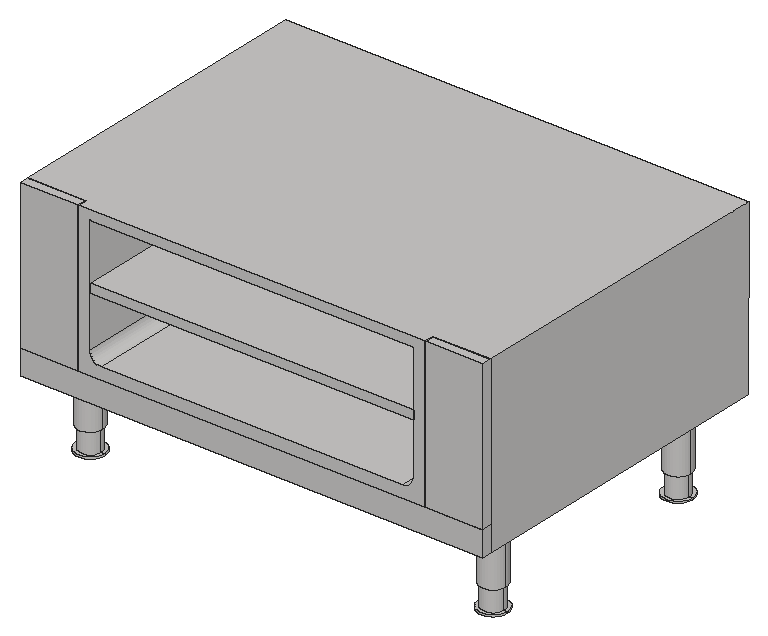
Revit family "QF_ELECTROLUXPROFESSIONAL_589802_MC1GCAKOOM", category Attrezzature speciali, Revit 2021
Family settings
  Quota connettore circolare = Usa diametro
  Tipo di parte = Normale
  Basato su piano di lavoro = No
  Sempre verticale = Sì
  Taglio con vuoti quando caricato = No
  Condiviso = No
  Punto di calcolo locali = No
Parameters (values of type "Standard")
  Weight = 26.00 kg
  Watts = 0 W
  Volts = 0 V
  URL Manufacturer = "https://www.electroluxprofessional.com/"
  URL = "https://www.electroluxprofessional.com/"
  Steam Supply Size = 0"
  Steam Supply Minimum Pressure = 0.00 psi
  Steam Supply Maximum Pressure = 0.00 psi
  Steam Consumption per Hour = 0
  Refrigeration Suction Line Size = 0 mm
  Refrigeration Liquid Line Size = 0 mm
  Refrigerant Compressor Remote = yes
  Prospetto di default = 0 mm
  Phase = 0
  Modello = "MC1GCAKOOM"
  Produttore = "Electrolux Professional"
  Length Actual = 1200 mm  # constant formula
  Item Number = "589802"
  Hot Water Size = 0"
  Height Actual = 450 mm  # constant formula
  HP = "0 HP"
  Gas Size = 0"
  Gas KW = 0
  Gas Input Pressure = 0.0 Btu/h
  Direct Waste Size = 0"
  Descrizione = "OPEN BASE,H3,1S,1200X900X450 MARINE"
  Depth Actual = 900 mm  # constant formula
  Cycle = 0 Hz
  Condensate Return Size = 0"
  Compressed Air Volume = 0 GPM
  Compressed Air Size = 0"
  Compressed Air Pressure = 0.00 psi
  Cold Water Size = 0"
  Accessory = yes
Reference planes
  plane 1 "BACK": y = 0
  plane 2: z = 0
  plane 3 "LEFT": x = 0
  plane 4 "RIGHT": x = 1200
  plane 5 "FRONT": y = -900
  plane 6 "PLAIN": z = 900
  plane 7 "Center (Left/Right)": x = 600
  plane 8 "Center (Front/Back)": y = -450
  plane 9 "TOP": z = 650
  plane 10 "BASE": z = 200
  plane 11: x = 1122
  plane 12: x = 78
  plane 13 "Feet_back": y = -150
  plane 14 "Feet_Front": y = -750
  plane 15: x = 150
  plane 16: x = 1050
  plane 17: z = 265
  plane 18: y = -20
  plane 19: y = -855
  plane 20: y = -45
  plane 21: y = -880
Forms (mm)
  Extrusion 1, solid, material "QF_Finishes_Stainless Steel"
    sketch origin (0, 0, 650) x (0, 1, 0) y (0, 0, 1)
      loop
        line (-20, -450) -> (-20, 0) -> (-855, 0) -> (-855, -450) -> (-20, -450)
    from 0 to 1200
  Extrusion 2, solid, material "QF_Finishes_Stainless Steel"
    sketch origin (0, 0, 650) x (0, 1, 0) y (0, 0, 1)
      loop
        line (-880, -450) -> (-855, -450) -> (-855, -385) -> (-880, -385) -> (-880, -450)
    from 0 to 1200
  Extrusion 3, void
    sketch origin (0, -900, 0) x (1, 0, 0) y (0, 0, 1)
      loop
        line (150, 650) -> (150, 265) -> (1050, 265) -> (1050, 650) -> (150, 650)
    from 0 to -855
  Extrusion 4, solid, material "QF_Finishes_Stainless Steel"
    sketch origin (0, -900, 0) x (1, 0, 0) y (0, 0, 1)
      loop
        line (180, 650) -> (180, 627) -> (1020, 627) -> (1020, 650) -> (180, 650)
    from -20 to -880
  Extrusion 5, solid, material "QF_Finishes_Stainless Steel"
    sketch origin (0, -900, 0) x (1, 0, 0) y (0, 0, 1)
      loop
        line (150, 650) -> (150, 265) -> (1050, 265) -> (1050, 650) -> (1020, 650) -> (1020, 325)
        arc (1020, 325) -> (1011.213, 303.787) -> (990, 295) r 30
        line (990, 295) -> (210, 295)
        arc (210, 295) -> (188.787, 303.787) -> (180, 325) r 30
        line (180, 325) -> (180, 650) -> (150, 650)
    from -20 to -855
  Extrusion 6, solid, material "QF_Finishes_Stainless Steel"
    sketch origin (0, -900, 0) x (1, 0, 0) y (0, 0, 1)
      loop
        line (0, 650) -> (0, 265) -> (150, 265) -> (150, 650) -> (0, 650)
    from -20 to -45
  Extrusion 7, solid, material "QF_Finishes_Stainless Steel"
    sketch origin (0, -900, 0) x (1, 0, 0) y (0, 0, 1)
      loop
        line (1050, 650) -> (1050, 265) -> (1200, 265) -> (1200, 650) -> (1050, 650)
    from -20 to -45
  Extrusion 8, solid, material "QF_Finishes_Stainless Steel"
    sketch origin (0, -900, -170) x (1, 0, 0) y (0, 0, 1)
      loop
        line (180, 650) -> (180, 627) -> (1020, 627) -> (1020, 650) -> (180, 650)
    from -20 to -855
Cuts and joins
  Extrusion 3 cuts Extrusion 1
  joined: Extrusion 1, Extrusion 4, Extrusion 5
Lines and regions (mm)
  symbolic lines, style "SpecialityEquipmentHiddenLines"
    curve 1: line (0, 0, 0) -> (1200, 0, 0)
    curve 2: line (0, -900, 0) -> (0, 0, 0)
    curve 3: line (1200, -900, 0) -> (0, -900, 0)
    curve 4: line (1200, 0, 0) -> (1200, -900, 0)
Dimensions and locks
  plane 3 "LEFT" to plane 4 "RIGHT" = 1200 mm
  plane 5 "FRONT" to plane 1 "BACK" = 900 mm
  equal spacing: plane 3 "LEFT", plane 7 "Center (Left/Right)", plane 4 "RIGHT"
  equal spacing: plane 5 "FRONT", plane 8 "Center (Front/Back)", plane 1 "BACK"
  plane 6 "PLAIN" to plane 9 "TOP" = 250 mm
  plane 10 "BASE" to level = 200 mm
  plane 9 "TOP" to plane 10 "BASE" = 450 mm
  locked: plane 1 "BACK" to plane 13 "Feet_back" at 150
  locked: plane 12 to plane 3 "LEFT" at 78
  locked: plane 11 to plane 4 "RIGHT" at 78
  plane 16 to plane 15 = 900 mm
  equal spacing: plane 16, plane 7 "Center (Left/Right)", plane 15
  locked: plane 17 to plane 10 "BASE" at 65
  locked: plane 1 "BACK" to plane 18 at 20
  plane 9 "TOP" to Extrusion 4 sketch curve = 23 mm
  locked: Extrusion 4 sketch curve to plane 15 at 30
  locked: plane 16 to Extrusion 4 sketch curve at 30
  locked: Extrusion 5 sketch curve to plane 17 at 30
  plane 6 "PLAIN" to level = 900 mm
  Extrusion 5 to Extrusion 5 = 840 mm
  locked: plane 18 to plane 20 at 25
  locked: plane 21 to plane 5 "FRONT" at 20
  locked: plane 19 to plane 21 at 25
  plane 18 to plane 21 = 860 mm
  aligned and locked: level to plane 2
  aligned and locked: Extrusion 1 to plane 4 "RIGHT"
  aligned and locked: Extrusion 1 to plane 3 "LEFT"
  aligned and locked: Extrusion 2 to plane 4 "RIGHT"
  aligned and locked: plane 9 "TOP" to Extrusion 3 sketch curve
  aligned and locked: Extrusion 3 sketch curve to plane 15
  aligned and locked: plane 16 to Extrusion 3 sketch curve
  aligned and locked: Extrusion 2 to plane 10 "BASE"
  aligned and locked: Extrusion 2 to plane 17
  aligned and locked: plane 17 to Extrusion 3 sketch curve
  aligned and locked: Extrusion 4 to plane 18
  aligned and locked: Extrusion 5 sketch curve to plane 15
  aligned and locked: plane 16 to Extrusion 5 sketch curve
  aligned and locked: plane 9 "TOP" to Extrusion 5 sketch curve  (x2)
  aligned and locked: plane 17 to Extrusion 5 sketch curve
  aligned and locked: Extrusion 5 sketch curve to Extrusion 4  (x2)
  aligned and locked: Extrusion 6 sketch curve to plane 9 "TOP"
  aligned and locked: plane 3 "LEFT" to Extrusion 6 sketch curve
  aligned and locked: Extrusion 6 sketch curve to plane 17
  aligned and locked: Extrusion 6 sketch curve to plane 15
  aligned and locked: Extrusion 7 sketch curve to plane 9 "TOP"
  aligned and locked: plane 16 to Extrusion 7 sketch curve
  aligned and locked: Extrusion 7 sketch curve to plane 17
  aligned and locked: plane 4 "RIGHT" to Extrusion 7 sketch curve
  aligned and locked: Extrusion 5 to plane 20
  aligned and locked: cut or joined group of Extrusion 1, Extrusion 3, Extrusion 4, Extrusion 5 to plane 20
  aligned and locked: cut or joined group of Extrusion 1, Extrusion 3, Extrusion 4, Extrusion 5 to plane 18
  aligned and locked: Extrusion 6 to plane 19
  aligned and locked: plane 21 to Extrusion 6
  aligned and locked: plane 21 to Extrusion 5
  aligned and locked: plane 21 to Extrusion 7
  aligned and locked: Extrusion 7 to plane 19
  aligned and locked: Extrusion 2 to plane 19
  aligned and locked: plane 21 to Extrusion 2
  aligned and locked: plane 21 to cut or joined group of Extrusion 1, Extrusion 3, Extrusion 4, Extrusion 5
  aligned and locked: Extrusion 8 to plane 20
  aligned and locked: plane 12 to nested 1
  aligned and locked: plane 11 to nested 2
  aligned and locked: plane 13 "Feet_back" to nested 1
Automatic sketch dimensions
  curve 3 to plane 3 "LEFT" = 0 mm
  curve 3 to plane 4 "RIGHT" = 0 mm
  plane 5 "FRONT" to curve 3 = 0 mm
  plane 1 "BACK" to curve 2 = 0 mm
  Extrusion 1 sketch curve to plane 10 "BASE" = 0 mm
  Extrusion 1 sketch curve to plane 19 = 0 mm
  Extrusion 1 sketch curve to plane 18 = 0 mm
  Extrusion 1 sketch curve to plane 9 "TOP" = 0 mm
  plane 17 to Extrusion 2 sketch curve = 0 mm
  Extrusion 2 sketch curve to plane 21 = 0 mm
  Extrusion 2 sketch curve to plane 10 "BASE" = 0 mm
  Extrusion 2 sketch curve to plane 19 = 0 mm
  Extrusion 4 sketch curve to plane 9 "TOP" = 0 mm
  Extrusion 5 sketch curve to Extrusion 5 sketch curve = 30 mm  (x2)
  plane 15 to Extrusion 8 sketch curve = 30 mm
  Extrusion 8 sketch curve to plane 16 = 30 mm
  Extrusion 8 sketch curve to plane 9 "TOP" = 193 mm
  Extrusion 8 sketch curve to Extrusion 8 sketch curve = 23 mm
Nested families
  nested 1: "FEET200_MARINE" at (78, -150, 0), type "FEET200_MARINE"
  nested 2: "FEET200_MARINE" at (1122, -150, 0), type "FEET200_MARINE"
  nested 3: "FEET200_MARINE" at (78, -750, 0), type "FEET200_MARINE"
  nested 4: "FEET200_MARINE" at (1122, -750, 0), type "FEET200_MARINE"
Definition of nested family "FEET200_MARINE"
  Parameters (values of type "FEET200_MARINE")
    Default Elevation = 0 mm
    FEET = 200 mm
  Reference planes
    plane 1 "Center (Front/Back)": y = 0
    plane 2: z = 0
    plane 3 "Center (Left/Right)": x = 0
    plane 4: z = 200
  Forms (mm)
    Revolve 1, solid
      sketch origin (0, 0, 0) x (1, 0, 0) y (0, 0, 1)
        loop
          line (0, 200) -> (-38, 200) -> (-38, 196) -> (-33, 196) -> (-33, 59) -> (-28, 59) -> (-28, 4) -> (-38, 4) -> (-38, 0) -> (0, 0) -> (0, 200)
        axis (0, 0) -> (0, 200)
      angle from 0 to 360
  Lines and regions (mm)
    symbolic lines
      curve 1: line (0, -1.503, 0) -> (0, 1.508, 0)
      curve 2: line (1.561, 0, 0) -> (-1.439, 0, 0)
  Dimensions and locks
    "FEET": plane 4 to plane 2
    aligned and locked: level to plane 2
  Automatic sketch dimensions
    plane 1 "Center (Front/Back)" to curve 2 = 0 mm
    curve 1 to plane 3 "Center (Left/Right)" = 0 mm
    curve 2 to plane 3 "Center (Left/Right)" = 1.439 mm
    plane 3 "Center (Left/Right)" to curve 2 = 1.561 mm
    plane 1 "Center (Front/Back)" to curve 1 = 1.503 mm
    curve 1 to plane 1 "Center (Front/Back)" = 1.508 mm
    Revolve 1 sketch curve to plane 4 = 0 mm
    Revolve 1 sketch curve to level = 0 mm  (x2)
    Revolve 1 sketch curve to plane 3 "Center (Left/Right)" = 0 mm  (x2)
    Revolve 1 sketch curve to plane 3 "Center (Left/Right)" = 28 mm
    Revolve 1 sketch curve to Revolve 1 sketch curve = 5 mm  (x2)
    level to Revolve 1 sketch curve = 4 mm
    Revolve 1 sketch curve to Revolve 1 sketch curve = 10 mm
    Revolve 1 sketch curve to Revolve 1 sketch curve = 55 mm
    plane 4 to Revolve 1 sketch curve = 40 mm
    Revolve 1 sketch curve to plane 4 = 4 mm
